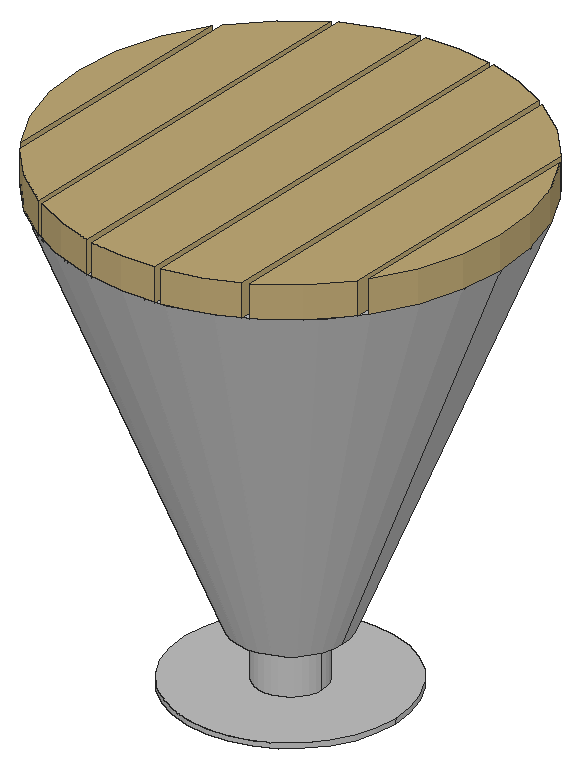
Revit family "L-FUR_벤치_YC-03_예건", category 일반 모델, Revit 2021
Family settings
  보강 철근 호스트 가능 = 아니오
  원형 커넥터 치수 = 지름 사용
  부품 유형 = 보통
  작업 기준면 기반 = 아니오
  항상 수직 = 예
  로드될 때 보이드를 사용하여 절단 = 아니오
  공유 = 아니오
  룸 계산 점 = 아니오
Parameters
  한국산업규격KS = ""
  조달청표준공사코드-세부공종 = ""
  기본 입면도 = 0 mm
  건설정보분류체계-부위분류 = "E943"
  LIM_INFO_주의사항 = "재배포, 재가공, 판매 금지"
  LIM_INFO_제품업체 = "예건"
  LIM_INFO_제품번호 = "YF-16"
  LIM_INFO_제품명 = "펜스_YF-16"
  LIM_INFO_제작일 = "20230315"
  LIM_INFO_재료 = "Hardwood, STL-pipe, STL-plate"
  LIM_INFO_업체정보 = ""
  LIM_INFO_업체URL = "https://yekun.com/"
  LIM_INFO_업체TEL = "(+82)31-943-6114"
  LIM_INFO_업체EMAIL = "yekun@yekun.com"
  LIM_INFO_버전 = "2023_V01"
  LIM_INFO_기타정보 = ""
  LIM_INFO_규격 = "W2000 x H1800"
  LIM_INFO_가격 = 0
  LIM_INFO_PV_포장재여부 = yes
  LIM_INFO_PV_면적 = 0.00 m²
  KBIMS_식별-버전 = ""
  KBIMS_식별-bSK등록번호 = ""
  KBIMS_보급정보-저작자 = "림인포테크_MMJ"
  KBIMS_보급정보-보급코드 = ""
Reference planes
  plane 1 "중심(앞/뒤)": y = 0
  plane 2: z = 0
  plane 3 "중심(왼쪽/오른쪽)": x = 0
Dimensions and locks
  aligned and locked: level to plane 2
Nested families
  nested 1: "YC-03_base" at (0, 0, 0), type "YC-03_base"
Definition of nested family "YC-03_base"
  Parameters (values of type "YC-03_base")
    Default Elevation = 0 mm
  Reference planes
    plane 1 "중심(앞/뒤)": y = 0
    plane 2: z = 0
    plane 3 "중심(왼쪽/오른쪽)": x = 0
  Forms (mm)
    Extrusion 1, solid, detail levels fine
      sketch origin (0, 0, 0) x (1, 0, 0) y (0, 1, 0)
        loop
          arc (35, 313.027) -> (0, 200) -> (35, 86.973) r 200
          line (35, 86.973) -> (35, 313.027)
        loop
          line (40, 320) -> (40, 80)
          arc (40, 80) -> (67.306, 50.359) -> (100, 26.795) r 200
          line (100, 26.795) -> (100, 373.205)
          arc (100, 373.205) -> (67.306, 349.641) -> (40, 320) r 200
        loop
          line (105, 375.997) -> (105, 24.003)
          arc (105, 24.003) -> (134.164, 11.147) -> (165, 3.086) r 200
          line (165, 3.086) -> (165, 396.914)
          arc (165, 396.914) -> (134.164, 388.853) -> (105, 375.997) r 200
        loop
          line (170, 397.737) -> (170, 2.263)
          arc (170, 2.263) -> (200, 0) -> (230, 2.263) r 200
          line (230, 2.263) -> (230, 397.737)
          arc (230, 397.737) -> (200, 400) -> (170, 397.737) r 200
        loop
          line (235, 396.914) -> (235, 3.086)
          arc (235, 3.086) -> (265.836, 11.147) -> (295, 24.003) r 200
          line (295, 24.003) -> (295, 375.997)
          arc (295, 375.997) -> (265.836, 388.853) -> (235, 396.914) r 200
        loop
          line (300, 373.205) -> (300, 26.795)
          arc (300, 26.795) -> (332.694, 50.359) -> (360, 80) r 200
          line (360, 80) -> (360, 320)
          arc (360, 320) -> (332.694, 349.641) -> (300, 373.205) r 200
        loop
          line (365, 313.027) -> (365, 86.973)
          arc (365, 86.973) -> (400, 200) -> (365, 313.027) r 200
      from 420 to 450
    Blend 2, solid, detail levels fine
      base sketch origin (0, 0, 0) x (1, 0, 0) y (0, 1, 0)
        loop
          circle (200, 200) r 50
      top sketch origin (0, 0, 0) x (1, 0, 0) y (0, 1, 0)
        loop
          circle (200, 200) r 200
      from 50 to 420
    Extrusion 3, solid, detail levels fine
      sketch origin (0, 0, 0) x (1, 0, 0) y (0, 1, 0)
        loop
          circle (200, 200) r 30.25
      from 4.5 to 50
    Extrusion 4, solid, detail levels fine
      sketch origin (3276.844, 3419.135, 0) x (1, 0, 0) y (0, 1, 0)
        loop
          circle (-3076.844, -3219.135) r 100
      from 0 to 4.5
    Extrusion 5, solid, detail levels coarse+medium
      sketch origin (0, 0, 0) x (1, 0, 0) y (0, 1, 0)
        loop
          line (35, 308.205) -> (26.795, 300) -> (0, 200) -> (26.795, 100) -> (35, 91.795) -> (35, 308.205)
        loop
          line (40, 313.205) -> (40, 86.795) -> (100, 26.795) -> (100, 373.205) -> (40, 313.205)
        loop
          line (105, 374.545) -> (105, 25.455) -> (165, 9.378) -> (165, 390.622) -> (105, 374.545)
        loop
          line (170, 391.962) -> (170, 8.038) -> (200, 0) -> (230, 8.038) -> (230, 391.962) -> (200, 400) -> (170, 391.962)
        loop
          line (235, 390.622) -> (235, 9.378) -> (295, 25.455) -> (295, 374.545) -> (235, 390.622)
        loop
          line (300, 373.205) -> (300, 26.795) -> (360, 86.795) -> (360, 313.205) -> (300, 373.205)
        loop
          line (365, 308.205) -> (365, 91.795) -> (373.205, 100) -> (400, 200) -> (373.205, 300) -> (365, 308.205)
      from 420 to 450
    Blend 6, solid, detail levels coarse+medium
      base sketch origin (0, 0, 0) x (1, 0, 0) y (0, 1, 0)
        loop
          line (200, 250) -> (175, 243.301) -> (156.699, 225) -> (150, 200) -> (156.699, 175) -> (175, 156.699) -> (200, 150) -> (225, 156.699) -> (243.301, 175) -> (250, 200) -> (243.301, 225) -> (225, 243.301) -> (200, 250)
      top sketch origin (0, 0, 0) x (1, 0, 0) y (0, 1, 0)
        loop
          line (200, 400) -> (100, 373.205) -> (26.795, 300) -> (0, 200) -> (26.795, 100) -> (100, 26.795) -> (200, 0) -> (300, 26.795) -> (373.205, 100) -> (400, 200) -> (373.205, 300) -> (300, 373.205) -> (200, 400)
      from 50 to 420
    Extrusion 7, solid, detail levels coarse+medium
      sketch origin (0, 0, 0) x (1, 0, 0) y (0, 1, 0)
        loop
          line (200, 230.25) -> (184.875, 226.197) -> (173.803, 215.125) -> (169.75, 200) -> (173.803, 184.875) -> (184.875, 173.803) -> (200, 169.75) -> (215.125, 173.803) -> (226.197, 184.875) -> (230.25, 200) -> (226.197, 215.125) -> (215.125, 226.197) -> (200, 230.25)
      from 4.5 to 50
    Extrusion 8, solid, detail levels coarse+medium
      sketch origin (3276.844, 3419.135, 0) x (1, 0, 0) y (0, 1, 0)
        loop
          line (-3076.844, -3119.135) -> (-3126.844, -3132.532) -> (-3163.446, -3169.135) -> (-3176.844, -3219.135) -> (-3163.446, -3269.135) -> (-3126.844, -3305.737) -> (-3076.844, -3319.135) -> (-3026.844, -3305.737) -> (-2990.241, -3269.135) -> (-2976.844, -3219.135) -> (-2990.241, -3169.135) -> (-3026.844, -3132.532) -> (-3076.844, -3119.135)
      from 0 to 4.5
  Dimensions and locks
    aligned and locked: level to plane 2
